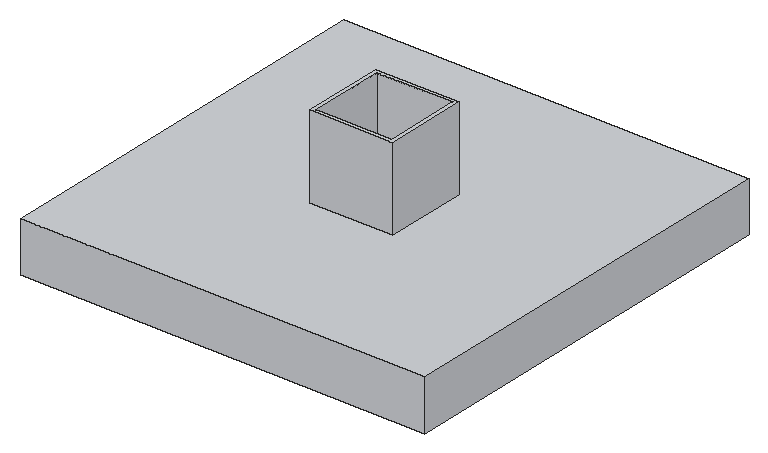
Revit family "Nicho Retangular", category Modelos genéricos, Revit 2019
Family settings
  Hospedeiro = Face
  Pode hospedar o vergalhão = Não
  Cota do conector redondo = Utilizar diâmetro
  Tipo de parte = Normal
  Corte com vazios quando carregada = Não
  Compartilhado = Não
  Ponto de cálculo do ambiente = Não
Parameters
  Profundidade [instance] = 50 cm
  Nicho = none
  Largura [instance] = 50 cm
  Espessura [instance] = 2 cm
  Default Elevation = 0 cm
  Comprimento [instance] = 50 cm
Reference planes (cm)
  plane 1 "Centro (Frente/Trás)": y = 0
  plane 2: z = 0
  plane 3 "Centro (Esquerda/Direita)": x = 0
  plane 4: z = 50
Forms (cm)
  Extrusion 1, solid
    sketch origin (0, 0, 0) x (1, 0, 0) y (0, 1, 0)
      loop
        line (-121.92, 121.92) -> (-121.92, -121.92) -> (121.92, -121.92) -> (121.92, 121.92) -> (-121.92, 121.92)
    from 0 to -30.48
  Extrusion 2, solid, material <- "Nicho"
    sketch origin (0, 0, 0) x (1, 0, 0) y (0, 1, 0)
      loop
        line (-25, -25) -> (25, -25) -> (25, 25) -> (-25, 25) -> (-25, -25)
      loop
        line (23, 23) -> (-23, 23) -> (-23, -23) -> (23, -23) -> (23, 23)
    from 0 to 50
  Extrusion 3, solid, material <- "Nicho"
    sketch origin (0, 0, 0) x (1, 0, 0) y (0, 1, 0)
      loop
        line (-25, 25) -> (-25, -25) -> (25, -25) -> (25, 25) -> (-25, 25)
    from 0 to 2 <- "Espessura"
Cuts and joins
  joined: Extrusion 2, Extrusion 3
Dimensions and locks (cm)
  equal spacing: Extrusion 2, plane 3 "Centro (Esquerda/Direita)", Extrusion 2
  "Largura": Extrusion 2 to Extrusion 2
  equal spacing: Extrusion 2, plane 1 "Centro (Frente/Trás)", Extrusion 2
  "Comprimento": Extrusion 2 to Extrusion 2
  "Profundidade": plane 4 to Extrusion 1
  "Espessura": Extrusion 2 sketch curve to Extrusion 2 sketch curve  (x4)
  aligned and locked: plane 2 to Extrusion 1
  aligned and locked: level to Extrusion 1
  aligned and locked: plane 4 to Extrusion 2
  aligned and locked: Extrusion 3 sketch curve to Extrusion 2  (x4)
Automatic sketch dimensions
  Extrusion 1 sketch curve to Extrusion 1 sketch curve = 243.84 cm  (x2)
  Extrusion 2 sketch curve to plane 3 "Centro (Esquerda/Direita)" = 25 cm
  plane 3 "Centro (Esquerda/Direita)" to Extrusion 2 sketch curve = 23 cm
  plane 1 "Centro (Frente/Trás)" to Extrusion 2 sketch curve = 25 cm
  Extrusion 2 sketch curve to plane 1 "Centro (Frente/Trás)" = 23 cm
